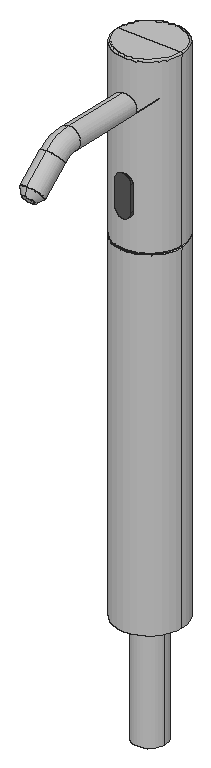
Revit family "Plumbing-Fix_Soap-Disp-Touchless_Stern_Extreme-Plus", category Plumbing Fixtures, host Face, Revit 2026
Family settings
  Host = Face
  Round Connector Dimension = Use Diameter
  Part Type = Normal
  Classification Number = 23.45.05.00
  Enable Cutting in Views = No
  Cut with Voids When Loaded = No
  Maintain Annotation Orientation = No
  Shared = No
  Room Calculation Point = No
Parameters (values of type "Standard Battery Pack")
  Waste Connection = no
  Warranty Duration (Years) = 2
  WFU = 0
  Vent Connection = no
  Unit Width = 0' - 1 1/2"
  Unit Height [instance] = Extension + 0' 4"  # 0' - 11 7/8"
  URL = "http://www.sternfaucets.com/"
  Type Comments = "as Specified"
  Standards Conformance = "as Specified"
  Spout Reach = 0' - 3 1/2"
  Spout Height [instance] = Extension + 0' 2 1/4"  # 0' - 10 1/8"
  Specification = ""
  SpecWizard = ""
  Sales Information = "http://www.sternfaucets.com/contact-us/contact-us-int-l.html"
  Revision = "R1_2018-04"
  Pump Finish [instance] = Finish - Stern - Black
  Product Properties = ""
  Product Features = "as Specified"
  Product Data = "http://www.arcat.com/arcatcos/cos50/arc50092.html"
  Power Supply = "6x DD Batteries"
  Model = "Extreme Soap Dispenser Plus B"
  Manufacturer Website = "http://www.sternfaucets.com/"
  Manufacturer Phone - Toll Free = "800-436-4410"
  Manufacturer Phone = ""
  Manufacturer Fax = ""
  Manufacturer Address = "777 Passaic Ave.  Clifton, NJ 07012"
  Manufacturer = "Stern Engineering"
  Maintenance Schedule (Months) = 0
  Locate Pump Below Surface [instance] = 0' - 8"
  Link to Related Files = "https://www.arcat.com/bim/stern_engineering/Plumbing-Fixtures-Soap-Dispensers-Soap-Containers.shtml"
  Keynote = ""
  Installation Phase = ""
  Include MF Pump = no
  HWFU = 0
  HW Connection = no
  Green Building-LEED = ""
  Fixture Finish [instance] = Finish - Stern - Chrome
  Extension Option Selection = 1
  Extension Option 4 [instance] = 0' - 9 1/16"  # constant formula
  Extension Option 3 [instance] = 0' - 3 15/16"  # constant formula
  Extension Option 2 [instance] = 0' - 3 11/16"  # constant formula
  Extension Option 1_Standard [instance] = 0' - 7 7/8"  # constant formula
  Extension [instance] = if(Extension Option Selection = 1, Extension Option 1_Standard, if(Extension Option Selection = 2, Extension Option 2, if(Extension Option Selection = 3, Extension Option 3, if(Extension Option Selection = 4, Extension Option 4, Extension Option 1_Standard))))  # 0' - 7 7/8"
  Expected Lifespan (Years) = 0
  Drawn By = "Sumex Design, Inc. / Robert S. Weygant, CSI, CDT, SCIP"
  Distance Between Pump and MF Soap Tank [instance] = "9.8 ft / 3 meter"  # constant formula
  Distance Between Pump and Dispenser [instance] = "3.2 ft / 1 meter"  # constant formula
  Description = "Stern Touchless Deck Mounted Soap Dispenser - Extreme Soap Dispenser Plus B as Specified"
  Default Elevation = 0' - 0"
  Cost = 0
  Copyright = "©Arcat Inc."
  Construction Details = ""
  Capacity = "33 oz / 1 liter Liquid"
  CWFU = 0
  CW Connection = no
  Body Construction = ""
  Available Options = "as Specified"
  Assembly Code = "D2010300"
  Accent Color [instance] = Finish - Stern - Black
Types (12): name | Unit Height | Spout Height | Power Supply | Model | Include MF Pump | Extension Option Selection | Extension | Description | Capacity
  Standard Battery Pack | 0' - 11 7/8" | 0' - 10 1/8" | "6x DD Batteries" | "Extreme Soap Dispenser Plus B" | no | 1 | 0' - 7 7/8" | "Stern Touchless Deck Mounted Soap Dispenser - Extreme Soap Dispenser Plus B as Specified" | "33 oz / 1 liter Liquid"
  Standard Transformer | 0' - 11 7/8" | 0' - 10 1/8" | "12V Transformer" | "Extreme Soap Dispenser Plus E" | no | 1 | 0' - 7 7/8" | "Stern Touchless Deck Mounted Soap Dispenser - Extreme Soap Dispenser Plus E as Specified" | "33 oz / 1 liter Liquid"
  Multifeed Liquid | 0' - 11 7/8" | 0' - 10 1/8" | "12V Transformer" | "MF Extreme Soap Dispenser Plus" | yes | 1 | 0' - 7 7/8" | "Stern Touchless Deck Mounted Soap Dispenser - MF Extreme Soap Dispenser Plus as Specified" | "as Specified"
  Standard Battery Pack w/ 93mm Extension | 0' - 7 11/16" | 0' - 5 15/16" | "6x DD Batteries" | "Extreme Soap Dispenser Plus B" | no | 2 | 0' - 3 11/16" | "Stern Touchless Deck Mounted Soap Dispenser - Extreme Soap Dispenser Plus B as Specified" | "33 oz / 1 liter Liquid"
  Standard Transformer w/ 93mm Extension | 0' - 7 11/16" | 0' - 5 15/16" | "12V Transformer" | "Extreme Soap Dispenser Plus E" | no | 2 | 0' - 3 11/16" | "Stern Touchless Deck Mounted Soap Dispenser - Extreme Soap Dispenser Plus E as Specified" | "33 oz / 1 liter Liquid"
  Multifeed Liquid w/ 93mm Extension | 0' - 7 11/16" | 0' - 5 15/16" | "12V Transformer" | "MF Extreme Soap Dispenser Plus" | yes | 2 | 0' - 3 11/16" | "Stern Touchless Deck Mounted Soap Dispenser - MF Extreme Soap Dispenser Plus as Specified" | "as Specified"
  Standard Battery Pack w/ 100mm Extension | 0' - 7 15/16" | 0' - 6 3/16" | "6x DD Batteries" | "Extreme Soap Dispenser Plus B" | no | 3 | 0' - 3 15/16" | "Stern Touchless Deck Mounted Soap Dispenser - Extreme Soap Dispenser Plus B as Specified" | "33 oz / 1 liter Liquid"
  Standard Transformer w/ 100mm Extension | 0' - 7 15/16" | 0' - 6 3/16" | "12V Transformer" | "Extreme Soap Dispenser Plus E" | no | 3 | 0' - 3 15/16" | "Stern Touchless Deck Mounted Soap Dispenser - Extreme Soap Dispenser Plus E as Specified" | "33 oz / 1 liter Liquid"
  Multifeed Liquid w/ 100mm Extension | 0' - 7 15/16" | 0' - 6 3/16" | "12V Transformer" | "MF Extreme Soap Dispenser Plus" | yes | 3 | 0' - 3 15/16" | "Stern Touchless Deck Mounted Soap Dispenser - MF Extreme Soap Dispenser Plus as Specified" | "as Specified"
  Standard Battery Pack w/ 230mm Extension | 1' - 1 1/16" | 0' - 11 5/16" | "6x DD Batteries" | "Extreme Soap Dispenser Plus B" | no | 4 | 0' - 9 1/16" | "Stern Touchless Deck Mounted Soap Dispenser - Extreme Soap Dispenser Plus B as Specified" | "33 oz / 1 liter Liquid"
  Standard Transformer w/ 230mm Extension | 1' - 1 1/16" | 0' - 11 5/16" | "12V Transformer" | "Extreme Soap Dispenser Plus E" | no | 4 | 0' - 9 1/16" | "Stern Touchless Deck Mounted Soap Dispenser - Extreme Soap Dispenser Plus E as Specified" | "33 oz / 1 liter Liquid"
  Multifeed Liquid w/ 230mm Extension | 1' - 1 1/16" | 0' - 11 5/16" | "12V Transformer" | "MF Extreme Soap Dispenser Plus" | yes | 4 | 0' - 9 1/16" | "Stern Touchless Deck Mounted Soap Dispenser - MF Extreme Soap Dispenser Plus as Specified" | "as Specified"
Reference planes (in)
  plane 1 "Center (Front/Back)": y = 0
  plane 2: z = 0
  plane 3 "Center (Left/Right)": x = 0
  plane 4: z = 10.125
  plane 5: y = -3.5
  plane 6: z = -8
  plane 7: z = 7.875
Forms (in)
  Extrusion 1, solid, material "Finish - Stern - Black" <- "Accent Color"
    sketch origin (0, 0, 0.34375) x (1, 0, 0) y (0, 0, 1)
      loop
        line (-0.1875, 8.9375) -> (-0.1875, 8.375)
        arc (-0.1875, 8.375) -> (0, 8.1875) -> (0.1875, 8.375) r 0.1875
        line (0.1875, 8.375) -> (0.1875, 8.9375)
        arc (0.1875, 8.9375) -> (0, 9.125) -> (-0.1875, 8.9375) r 0.1875
    from 0 to 0.76898
  Revolve 2, solid, material "Finish - Stern - Chrome" <- "Fixture Finish"
    sketch origin (0, 0, 0) x (1, 0, 0) y (0, 0, 1)
      loop
        line (0, 0) -> (0, 11.875) -> (-0.71875, 11.875)
        arc (-0.71875, 11.875) -> (-0.74085, 11.86585) -> (-0.75, 11.84375) r 0.03125
        line (-0.75, 11.84375) -> (-0.75, 7.8971) -> (-0.7279, 7.875) -> (-0.75, 7.8529) -> (-0.75, 0) -> (0, 0)
      axis (0, 11.875) -> (0, 0)
    angle from 0 to 360
  Extrusion 3, void
    sketch origin (0, 0, 0) x (1, 0, 0) y (0, 1, 0)
      loop
        circle (0, 0) r 0.625
    from 0 to -8
  Extrusion 4, solid, material "Finish - Stern - Chrome" <- "Fixture Finish"
    sketch origin (0, 0, 0) x (1, 0, 0) y (0, 1, 0)
      loop
        circle (0, 0) r 0.35452
    from 0 to -2.54465
  Sweep 5, solid, material "Finish - Stern - Chrome" <- "Fixture Finish"
    path origin (0, 0.03715, 7.84583) x (0, 1, 0) y (0, 0, 1)
      loop
        line (0, 3.02344) -> (-2.35997, 3.02344)
        arc (-2.35997, 3.02344) -> (-2.61648, 2.97821) -> (-2.84206, 2.84797) r 0.75
        line (-2.84206, 2.84797) -> (-3.41659, 2.36588)
    profile origin (0, -1.14283, 10.86927) x (0, 0, -1) y (1, 0, 0)
      loop
        circle (0, 0) r 0.25
  Blend 6, solid, material "Finish - Stern - Chrome" <- "Fixture Finish"
    base sketch origin (0, -3.37944, 10.21171) x (1, 0, 0) y (0, -0.642788, 0.766044)
      loop
        circle (0, 0) r 0.25
    top sketch origin (0, -3.37944, 10.21171) x (1, 0, 0) y (0, -0.642788, 0.766044)
      loop
        arc (0.00311, 0.12857) -> (-0.12843, 0.00665) -> (-0.01018, -0.1282) r 0.12861
        arc (-0.01018, -0.1282) -> (0.12843, -0.00665) -> (0.00311, 0.12857) r 0.12861
    from 0 to 0.1536
Cuts and joins
  Extrusion 3 cuts Extrusion 1
  Extrusion 3 cuts Revolve 2
Dimensions and locks (in)
  plane 4 to Extrusion 1 sketch curve to Extrusion 1 sketch curve = 0' - 0 27/32", 0' - 0 9/16" locked
  "Locate Pump Below Surface": host face to plane 6
  locked: plane 4 to plane 7 at 2.25
  "Extension": plane 7 to host face
  aligned and locked: plane 2 to host face
  aligned and locked: level to host face
  aligned and locked: plane 1 "Center (Front/Back)" to nested 1
  aligned and locked: plane 3 "Center (Left/Right)" to nested 1
Automatic sketch dimensions
  host sketch curve to host sketch curve = 8' - 0"  (x2)
  Extrusion 1 sketch curve to plane 3 "Center (Left/Right)" = 0' - 0"
  Extrusion 1 sketch curve to Extrusion 1 sketch curve = 0' - 0 3/16"
  plane 1 "Center (Front/Back)" to Extrusion 3 sketch curve = 0' - 0"
  Extrusion 3 sketch curve to plane 3 "Center (Left/Right)" = 0' - 0"
  plane 1 "Center (Front/Back)" to Extrusion 4 sketch curve = 0' - 0"
  Extrusion 4 sketch curve to plane 3 "Center (Left/Right)" = 0' - 0"
  plane 5 to Sweep 5 sketch curve = 0' - 0.69509"
  Sweep 5 sketch curve to plane 4 = 0' - 0.00573"
  Sweep 5 sketch curve to Sweep 5 sketch curve = 0' - 0.48209"
  plane 4 to Sweep 5 sketch curve = 0' - 0.5688"
  plane 5 to Sweep 5 sketch curve = 0' - 0.12056"
  Sweep 5 sketch curve to plane 1 "Center (Front/Back)" = 0' - 0.03715"
  plane 4 to Sweep 5 sketch curve = 0' - 0.08671"
  Sweep 5 sketch curve to profile plane = 0' - 0"  (x2)
  Blend 6 sketch curve to Blend 6 sketch curve = 0' - 0"
  Blend 6 sketch curve to Blend 6 sketch curve = 0' - 0.01018"
  Blend 6 sketch curve to Blend 6 sketch curve = 0' - 0.00311"
  Revolve 2 sketch curve to level = 0' - 0"
  Revolve 2 sketch curve to plane 3 "Center (Left/Right)" = 0' - 0"  (x2)
  Revolve 2 sketch curve to Revolve 2 sketch curve = 0' - 0 23/32"
  Revolve 2 sketch curve to plane 3 "Center (Left/Right)" = 0' - 0.7279"
  Revolve 2 sketch curve to Revolve 2 sketch curve = 0' - 0 1/32"
  Revolve 2 sketch curve to Revolve 2 sketch curve = 0' - 0.0221"  (x2)
  Revolve 2 sketch curve to plane 4 = 0' - 2.2721"
  plane 4 to Revolve 2 sketch curve = 0' - 1 23/32"
  Revolve 2 sketch curve to level = 0' - 3"
  Revolve 2 sketch curve to Revolve 2 sketch curve = 0' - 0 1/2"
  radius of Extrusion 3 sketch curve = 0' - 0 5/8"
  radius of Extrusion 4 sketch curve = 0' - 0.35452"
  radius of Sweep 5 sketch curve = 0' - 0 1/4"
  radius of Blend 6 sketch curve to Sweep 5 = 0' - 0"
  radius of Blend 6 sketch curve to Sweep 5 = 0' - 0.12139"
Nested families (in)
  nested 1: "SoapPumpMF" at (0, 0, -8), visible <- "Include MF Pump", material <- "Pump Finish", type "SoapPumpMF"
    with material Finish - Stern - Black
Connectors (in)
  electrical at (0, 0, 0.1875)
    settings: on cut or joined group of Revolve 2, Extrusion 3, index 5, voltage 0 V, apparent load 0 VA, apparent load phase1 0 VA, apparent load phase2 0 VA, apparent load phase3 0 VA, power factor 1, load classification "Other", number of poles 1, system type 13, power factor state 1, is connector primary yes, connector utility no, sub classification motor no, connector description ""
Definition of nested family "SoapPumpMF"
  Parameters (values of type "SoapPumpMF")
    material [instance] = none
    Default Elevation = 4' - 0"
  Reference planes (in)
    plane 1 "Center (Front/Back)": y = 0
    plane 2: z = 0
    plane 3 "Center (Left/Right)": x = 0
  Forms (in)
    Revolve 1, solid, material <- "material"
      sketch origin (0, 2.03797, 0) x (0, 1, 0) y (0, 0, 1)
        loop
          line (-2.03797, 4.32946) -> (-2.28797, 4.32946) -> (-2.28797, 4.19095) -> (-2.36548, 4.19095) -> (-2.36548, 3.78694) -> (-2.28797, 3.78694) -> (-2.28797, 1.78694) -> (-2.18659, 1.78694) -> (-2.18659, 0.15571) -> (-2.03797, 0.15571) -> (-2.03797, 4.32946)
        axis (-2.03797, 0.15571) -> (-2.03797, 4.32946)
      angle from 0 to 360
    Extrusion 2, solid, material <- "material"
      sketch origin (0, 2.03797, 0) x (0, 1, 0) y (0, 0, 1)
        loop
          line (-2.44679, 3.51178) -> (-2.44679, 1.47573) -> (-2.83193, 1.47573) -> (-2.83193, 0.72573) -> (-1.33193, 0.72573) -> (-1.33193, 1.42224) -> (-1.63375, 1.42224) -> (-1.63375, 3.51178) -> (-2.44679, 3.51178)
      from -0.58494 to 0.60215
    Extrusion 3, solid, material <- "material"
      sketch origin (0, 2.03797, 0) x (0, 1, 0) y (0, 0, 1)
        loop
          line (-1.82355, 1.32021) -> (-1.82355, 0.67433) -> (-0.78033, 0.67433) -> (-0.25, 0.144) -> (-0.25, 0) -> (0, 0) -> (0, 0.88261) -> (-1.27088, 1.32021) -> (-1.82355, 1.32021)
      from -1.05494 to 1.11467
    Revolve 4, solid, material <- "material"
      sketch origin (1.125, 2.03797, 0.03125) x (0, 1, 0) y (0, 0, 1)
        loop
          line (-4.92555, 3.09325) -> (-4.92555, 2.38909) -> (-1.67555, 2.38909) -> (-1.67555, 3.09325) -> (-4.92555, 3.09325)
        axis (-4.92555, 2.38909) -> (-1.67555, 2.38909)
      angle from 0 to 360
  Dimensions and locks (in)
    aligned and locked: plane 2 to level
